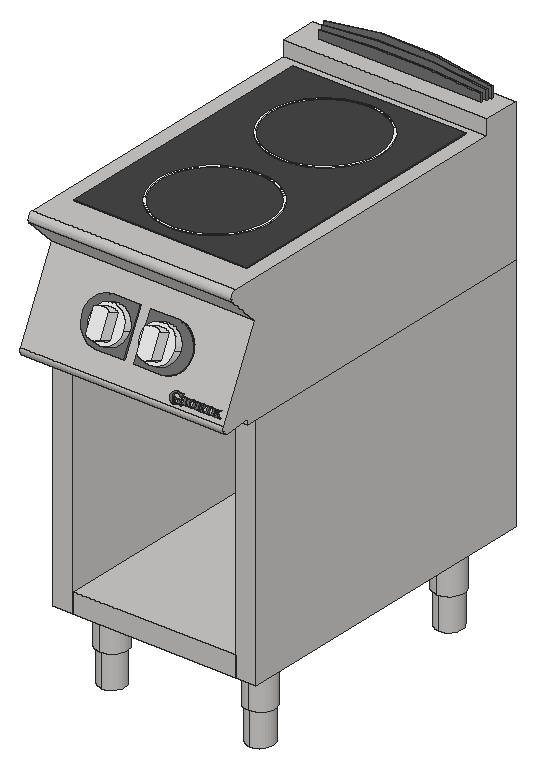
Revit family "QF_GIORIK_CI720G", category Specialty Equipment, Revit 2014
Parameters (values of type "CI720G")
  Weight in Pounds = 154.3234
  Watts = 7000 W
  Volts = 400 V
  URL Cutsheet = "www.giorik.com"
  URL = "www.giorik.com"
  Status [instance] = ""
  Specification by User [instance] = ""
  Specification by Manufacturer = ""
  Show Logo [instance] = yes
  Show Clearance [instance] = yes
  Serial Number = ""
  Seismic Rating = ""
  SMACNA No = ""
  Revision Code [instance] = ""
  Phase = 3
  Number of Poles [instance] = 3
  NAFEM Spec ID Number = ""
  Model = "CI720G"
  Min Ckt Ampacity = 0 A
  Max Overcurrent Protection = 0 A
  Masterspec = ""
  Manufacturer = "GIORIK"
  Item Number [instance] = ""
  Installed By [instance] = ""
  Identify Quantity as Lot [instance] = no
  HP = "9.387140000000"
  Furnished By [instance] = ""
  Foodservice Equipment Identifier [instance] = yes
  FL Amps = 0 A
  Electrical Remarks [instance] = ""
  Electric Connection Type [instance] = ""
  Elec Conn RI Height [instance] = 0 mm
  Elec Conn Connection Height [instance] = 150 mm
  Description = "2 ZONE INDUCTION HOB ON OPEN BASE UNIT"
  Cycle = 50 Hz
  Conn Plug = ""
  CSI MasterFormat = ""
  Assembly Code = "E1090320"
  Apparent Power = 7000 VA
Reference planes
  plane 1 "Back": y = 0
  plane 2: z = 0
  plane 3 "Left": x = 0
  plane 4 "Right": x = 400
  plane 5 "Front": y = -720
  plane 6 "Top": z = 900
Forms (mm)
  Extrusion 1, solid, visible <- "Show Logo"
    sketch origin (196.604, -736.761, 609.486) x (-1, 0, 0) y (0, 0.452718, 0.891654)
      loop
        line (-118.824, 58.358) -> (-127.804, 58.358) -> (-125.523, 56.445) -> (-125.523, 48.027) -> (-127.804, 46.113) -> (-118.824, 46.113) -> (-121.105, 48.027) -> (-121.105, 56.445) -> (-118.824, 58.358)
      loop
        line (-163.721, 58.358) -> (-172.7, 58.358) -> (-170.42, 56.445) -> (-170.42, 48.027) -> (-172.7, 46.113) -> (-163.721, 46.113) -> (-166.001, 48.027) -> (-166.001, 56.445) -> (-163.721, 58.358)
      loop
        line (-174.332, 58.358) -> (-183.312, 58.358) -> (-181.031, 56.445) -> (-181.031, 52.435) -> (-186.419, 56.955) -> (-184.416, 58.358) -> (-191.268, 58.358) -> (-188.01, 56.839) -> (-185.455, 54.283) -> (-190.846, 47.858) -> (-193.396, 46.93) -> (-193.396, 46.113) -> (-184.416, 46.113) -> (-185.437, 47.571) -> (-182.443, 51.552) -> (-181.031, 50.894) -> (-181.031, 48.027) -> (-183.312, 46.113) -> (-174.332, 46.113) -> (-176.613, 48.027) -> (-176.613, 56.445) -> (-174.332, 58.358)
      loop
        line (-115.429, 62.063) -> (-115.429, 54.198)
        arc (-115.429, 54.198) -> (-111.618, 57.803) -> (-106.847, 59.986) r 16.039
        arc (-106.847, 59.986) -> (-103.314, 59.837) -> (-100.512, 57.68) r 5.851
        arc (-100.512, 57.68) -> (-98.815, 52.267) -> (-100.512, 46.853) r 9.479
        arc (-100.512, 46.853) -> (-102.406, 44.986) -> (-104.846, 43.93) r 7.236
        arc (-104.846, 43.93) -> (-107.728, 44.111) -> (-110.052, 45.825) r 5.11
        line (-110.052, 45.825) -> (-110.052, 52.001) -> (-116.141, 52.001) -> (-116.141, 45.503) -> (-117.893, 43.751) -> (-114.094, 44.769)
        arc (-114.094, 44.769) -> (-112.56, 44.947) -> (-111.129, 44.366) r 3.115
        arc (-111.129, 44.366) -> (-104.216, 42.091) -> (-97.303, 44.366) r 11.641
        arc (-97.303, 44.366) -> (-93.396, 52.107) -> (-97.303, 59.849) r 9.622
        arc (-97.303, 59.849) -> (-104.369, 62.174) -> (-111.435, 59.849) r 11.898
        line (-111.435, 59.849) -> (-115.429, 62.063)
      loop
        arc (-129.234, 56.068) -> (-135.893, 58.628) -> (-142.552, 56.068) r 9.941
        arc (-142.552, 56.068) -> (-144.234, 52.286) -> (-142.552, 48.505) r 5.093
        arc (-142.552, 48.505) -> (-135.893, 45.945) -> (-129.234, 48.505) r 9.941
        arc (-129.234, 48.505) -> (-127.552, 52.286) -> (-129.234, 56.068) r 5.093
      loop
        arc (-132.628, 54.403) -> (-135.893, 57.668) -> (-139.158, 54.403) r 3.265
        line (-139.158, 54.403) -> (-139.158, 50.169)
        arc (-139.158, 50.169) -> (-135.893, 46.904) -> (-132.628, 50.169) r 3.265
        line (-132.628, 50.169) -> (-132.628, 54.403)
      loop
        arc (-156.363, 58.365) -> (-159.647, 55.081) -> (-156.363, 51.796) r 3.285
        line (-156.363, 51.796) -> (-159.529, 47.306) -> (-162.087, 46.113) -> (-155.847, 46.113) -> (-153.529, 51.083) -> (-150.637, 51.083) -> (-150.637, 47.784) -> (-153.022, 46.113) -> (-144.011, 46.113) -> (-146.094, 47.68) -> (-146.094, 56.493) -> (-144.229, 58.365) -> (-156.363, 58.365)
      loop
        line (-150.637, 57.512) -> (-153.637, 57.512)
        arc (-153.637, 57.512) -> (-156.237, 54.912) -> (-153.637, 52.312) r 2.6
        line (-153.637, 52.312) -> (-150.637, 52.312) -> (-150.637, 57.512)
      loop
        line (-108.924, 52.001) -> (-104.936, 49.005) -> (-100.948, 52.001) -> (-108.924, 52.001)
    from 1.5 to -0.5
  Extrusion 2, solid
    sketch origin (-16, 1025.81, 0) x (1, 0, 0) y (0, 1, 0)
      loop
        line (25, -1086.81) -> (25, -1156.81) -> (115, -1156.81) -> (115, -1086.81) -> (25, -1086.81)
    from 148 to 150
  Extrusion 3, solid
    sketch origin (-4, 0, 130) x (1, 0, 0) y (0, 1, 0)
      loop
        circle (54, -385) r 12.5
    from 0 to 20
  Extrusion 4, solid
    sketch origin (0, 1000, -20) x (0, 1, 0) y (0, 0, 1)
      loop
        line (-1000, 919.988) -> (-1070, 919.988) -> (-1070, 889.988) -> (-1688.806, 889.988)
        arc (-1688.806, 889.988) -> (-1699.151, 883.075) -> (-1696.724, 870.873) r 11.197
        line (-1696.724, 870.873) -> (-1640.876, 815.025) -> (-1718.948, 661.258)
        arc (-1718.948, 661.258) -> (-1718.233, 650.105) -> (-1708.118, 645.354) r 10.981
        line (-1708.118, 645.354) -> (-1660, 649.925) -> (-1660, 640) -> (-1000, 640) -> (-1000, 919.988)
    from 0 to 400
  Extrusion 5, solid
    sketch origin (0, 0, 599.536) x (1, 0, 0) y (0, 1, 0)
      loop
        line (0, -640) -> (40, -640) -> (40, -40) -> (360, -40) -> (360, -640) -> (400, -640) -> (400, 0) -> (0, 0) -> (0, -640)
    from -449.536 to 20.464
  Extrusion 6, solid
    sketch origin (0, 0, 0) x (1, 0, 0) y (0, 1, 0)
      loop
        line (40, -40) -> (40, -640) -> (360, -640) -> (360, -40) -> (40, -40)
    from 150 to 190
  Extrusion 7, solid
    sketch origin (-16, 560.81, 0) x (1, 0, 0) y (0, 1, 0)
      loop
        line (25, -1086.81) -> (25, -1156.81) -> (115, -1156.81) -> (115, -1086.81) -> (25, -1086.81)
    from 148 to 150
  Revolve 8, solid
    sketch origin (54, 560.81, 0) x (0, 1, 0) y (0, 0, 1)
      loop
        line (-1092.56, 66) -> (-1092.56, 148) -> (-1121.81, 148) -> (-1121.81, 0) -> (-1096.81, 0) -> (-1096.81, 66) -> (-1092.56, 66)
      axis (-1121.81, 0) -> (-1121.81, 148)
    angle from 0 to 360
  Revolve 9, solid
    sketch origin (54, 1025.81, 0) x (0, 1, 0) y (0, 0, 1)
      loop
        line (-1092.56, 66) -> (-1092.56, 148) -> (-1121.81, 148) -> (-1121.81, 0) -> (-1096.81, 0) -> (-1096.81, 66) -> (-1092.56, 66)
      axis (-1121.81, 0) -> (-1121.81, 148)
    angle from 0 to 360
  Extrusion 10, solid
    sketch origin (416, 560.81, 0) x (-1, 0, 0) y (0, -1, 0)
      loop
        line (25, 1086.81) -> (115, 1086.81) -> (115, 1156.81) -> (25, 1156.81) -> (25, 1086.81)
    from 148 to 150
  Revolve 11, solid
    sketch origin (346, 560.81, 0) x (0, 1, 0) y (0, 0, -1)
      loop
        line (-1092.56, -66) -> (-1096.81, -66) -> (-1096.81, 0) -> (-1121.81, 0) -> (-1121.81, -148) -> (-1092.56, -148) -> (-1092.56, -66)
      axis (-1121.81, 0) -> (-1121.81, -148)
    angle from 0 to 360
  Extrusion 12, solid
    sketch origin (416, -1217.81, 0) x (-1, 0, 0) y (0, -1, 0)
      loop
        line (25, -1086.81) -> (25, -1156.81) -> (115, -1156.81) -> (115, -1086.81) -> (25, -1086.81)
    from 148 to 150
  Revolve 13, solid
    sketch origin (346, -1217.81, 0) x (0, -1, 0) y (0, 0, 1)
      loop
        line (-1092.56, 66) -> (-1092.56, 148) -> (-1121.81, 148) -> (-1121.81, 0) -> (-1096.81, 0) -> (-1096.81, 66) -> (-1092.56, 66)
      axis (-1121.81, 0) -> (-1121.81, 148)
    angle from 0 to 360
  Extrusion 14, solid
    sketch origin (-273.221, -963.345, 52.363) x (1, 0, 0) y (0, 0.452718, 0.891654)
      loop
        line (463.221, 676.25) -> (463.221, 766.25) -> (409.698, 766.25)
        arc (409.698, 766.25) -> (364.698, 721.25) -> (409.698, 676.25) r 45
        line (409.698, 676.25) -> (463.221, 676.25)
    from 48 to 50
  Extrusion 15, solid
    sketch origin (501.331, -1008.697, 74.959) x (-1, 0, 0) y (0, -0.45351, -0.891251)
      loop
        circle (351.331, -721.346) r 35
    from 0 to 15
  Extrusion 16, solid
    sketch origin (501.331, -1008.697, 74.959) x (-1, 0, 0) y (0, -0.45351, -0.891251)
      loop
        arc (336.331, -743.846) -> (351.331, -748.846) -> (366.331, -743.846) r 25
        line (366.331, -743.846) -> (366.331, -698.846)
        arc (366.331, -698.846) -> (351.331, -693.846) -> (336.331, -698.846) r 25
        line (336.331, -698.846) -> (336.331, -743.846)
    from 15 to 40
  Extrusion 17, solid
    sketch origin (-94, 0, -10.001) x (1, 0, 0) y (0, 0, 1)
      loop
        line (135, 909.989) -> (453, 909.989) -> (453, 925.527) -> (347.056, 931.749) -> (240.944, 931.749) -> (135, 925.527) -> (135, 909.989)
    from 32 to 35
  Extrusion 18, solid
    sketch origin (-92, 10, -10.001) x (1, 0, 0) y (0, 0, 1)
      loop
        line (454, 909.989) -> (454, 928.527) -> (346.162, 939.193) -> (237.838, 939.193) -> (130, 928.527) -> (130, 909.989) -> (454, 909.989)
    from 32 to 35
  Extrusion 19, solid
    sketch origin (-90, 20, -10.001) x (1, 0, 0) y (0, 0, 1)
      loop
        line (455, 909.989) -> (455, 930.527) -> (345.396, 947.413) -> (234.604, 947.413) -> (125, 930.527) -> (125, 909.989) -> (455, 909.989)
    from 32 to 35
  Extrusion 20, solid
    sketch origin (673.255, -963.345, 52.363) x (-1, 0, 0) y (0, -0.452718, -0.891654)
      loop
        line (463.221, -676.25) -> (409.698, -676.25)
        arc (409.698, -676.25) -> (364.698, -721.25) -> (409.698, -766.25) r 45
        line (409.698, -766.25) -> (463.221, -766.25) -> (463.221, -676.25)
    from 48 to 50
  Extrusion 21, solid
    sketch origin (-101.297, -1008.697, 74.959) x (1, 0, 0) y (0, 0.45351, 0.891251)
      loop
        circle (351.331, 721.346) r 35
    from 0 to 15
  Extrusion 22, solid
    sketch origin (-101.297, -1008.697, 74.959) x (1, 0, 0) y (0, 0.45351, 0.891251)
      loop
        line (336.331, 743.846) -> (336.331, 698.846)
        arc (336.331, 698.846) -> (351.331, 693.846) -> (366.331, 698.846) r 25
        line (366.331, 698.846) -> (366.331, 743.846)
        arc (366.331, 743.846) -> (351.331, 748.846) -> (336.331, 743.846) r 25
    from 15 to 40
  Extrusion 23, solid
    sketch origin (0, 0, 821) x (0, 1, 0) y (-1, 0, 0)
      loop
        line (-625, -30) -> (-625, -370) -> (-85, -370) -> (-85, -30) -> (-625, -30)
    from 48 to 50
  Extrusion 24, solid
    sketch origin (10, -722.5, 848.488) x (0, -1, 0) y (1, 0, 0)
      loop
        circle (-231.5, 189.999) r 110
      loop
        circle (-231.5, 189.999) r 106.5
    from 23 to 20.512
  Extrusion 25, solid
    sketch origin (10, -450.5, 848.488) x (0, -1, 0) y (1, 0, 0)
      loop
        circle (-231.5, 189.999) r 110
      loop
        circle (-231.5, 189.999) r 106.5
    from 23 to 20.512
Lines and regions (mm)
  symbolic lines, style "200-EquipBorder-2D"
    curve 1: line (0, -720, 0) -> (400, -720, 0)
    curve 2: line (400, -720, 0) -> (400, 0, 0)
    curve 3: line (400, 0, 0) -> (0, 0, 0)
    curve 4: line (0, 0, 0) -> (0, -720, 0)
  symbolic lines, style "200-EquipInternal-2D"
    curve 5: line (0, -70, 900) -> (400, -70, 900)
    curve 6: line (35, -12, 900) -> (365, -12, 900)
    curve 7: line (365, -12, 900) -> (365, -15, 900)
    curve 8: line (365, -15, 900) -> (35, -15, 900)
    curve 9: line (35, -15, 900) -> (35, -12, 900)
    curve 10: line (38, -22, 900) -> (362, -22, 900)
    curve 11: line (362, -22, 900) -> (362, -25, 900)
    curve 12: line (362, -25, 900) -> (38, -25, 900)
    curve 13: line (38, -25, 900) -> (38, -22, 900)
    curve 14: line (41, -32, 900) -> (359, -32, 900)
    curve 15: line (359, -32, 900) -> (359, -35, 900)
    curve 16: line (359, -35, 900) -> (41, -35, 900)
    curve 17: line (41, -35, 900) -> (41, -32, 900)
    curve 18: line (370, -85, 900) -> (30, -85, 900)
    curve 19: line (370, -625, 900) -> (370, -85, 900)
    curve 20: line (30, -85, 900) -> (30, -625, 900)
    curve 21: line (30, -625, 900) -> (370, -625, 900)
    curve 22: circle (199.999, -219, 900) r 110 normal (0, 0, 1)
    curve 23: circle (199.999, -219, 900) r 106.5 normal (0, 0, 1)
    curve 24: circle (199.999, -491, 900) r 110 normal (0, 0, 1)
    curve 25: circle (199.999, -491, 900) r 106.5 normal (0, 0, 1)
Dimensions and locks
  plane 3 "Left" to plane 4 "Right" = 400 mm
  plane 5 "Front" to plane 1 "Back" = 720 mm
  plane 4 "Right" to plane 3 "Left" = 400 mm
  plane 1 "Back" to plane 5 "Front" = 720 mm
  plane 6 "Top" to level = 900 mm  (x2)
  aligned and locked: level to plane 2
Connectors
  electrical at (50, -385, 130), driven by "Apparent Power", driven by "Volts", driven by "Number of Poles"
    settings: on Extrusion 3, index 1, voltage 400 V, apparent load 0 VA, apparent load phase1 7000 VA, apparent load phase2 0 VA, apparent load phase3 0 VA, power factor 1, load classification "Other", number of poles 3, system type 31, power factor state 1, is connector primary yes, connector utility no, sub classification motor no, connector description "Electrical connection"
